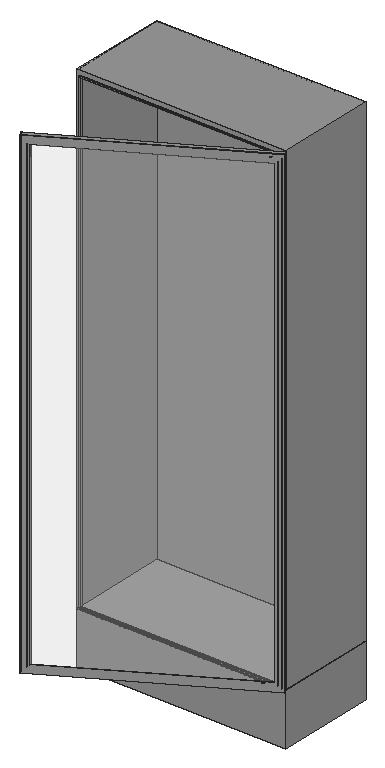
Revit family "Hager-Univers-IP55-D400-H2050-Cl.II-Steel_encl-NoHosted-CH-en", category Equipement électrique, Revit 2020
Family settings
  Configuration du panneau = Deux colonnes, circuits au sein
  Cote de connecteur circulaire = Utiliser le diamètre
  Type d'élément = Tableau de raccordement
  Basée sur le plan de construction = Oui
  Toujours verticalement = Oui
  Couper avec des vides une fois chargée = Non
  Partagée = Non
  Point de calcul de pièce = Non
Parameters (values of type "Floor installation IP55 W800 H2050 D400  - FR23U2")
  Width Control [instance] = if([EF000008 - Width] > Min Width, [EF000008 - Width], Min Width)  # 800 mm
  Commentaires du type = [HG000003 - Range]  # "Univers"
  Thickness Door [instance] = if([EF009171 - Material plate thickness door/cover] > 3 mm, 3 mm, [EF009171 - Material plate thickness door/cover])  # 1.5 mm
  Seal Frame Offset [instance] = 17 mm  # constant formula
  Plinth Visibility [instance] = [HG000027 - Plinth height] > 0 mm  # yes
  Min Width [instance] = 100 mm  # constant formula
  Min Depth [instance] = (2 * [EF009170 - Material plate thickness cabinet]) + 1 mm  # 4 mm
  Min Height [instance] = 100 mm  # constant formula
  Internal Frame Depth [instance] = (Door System Depth * 0.5)  # 9 mm
  Panel Name [instance] = ""  # (empty or 0)
  Model = ""
  HG000027 - Plinth height = 200 mm
  HG000026 - Floor standing = yes
  HG000024 - Bottom section height = 600 mm
  HG000023 - Double section enclosure = no
  HG000016 - Door 3d visibility [instance] = yes
  HG000015 - Clearance visibility [instance] = no
  HG000014 - Door on the right [instance] = yes
  HG000013 - Door on the left [instance] = not([HG000014 - Door on the right])  # no
  HG000012 - Door swing angle [instance] = 30.00°
  HG000010 - Asymmetric doors = no
  HG000009 - Double swing door = no
  HG000006 - Flush mounted = no
  HG000004 - Manufacturer reference = "FR23U2"
  HG000003 - Range = "Univers"
  HG000002 - With door or cover = yes
  Frame Offset Bottom [instance] = 10 mm  # constant formula
  Frame Offset [instance] = 15 mm  # constant formula
  EF015940 - Cover with overpressure release = no
  EF011959 - Degree of protection (NEMA) = ""
  EF009554 - Number of openings for flange plates = 6
  EF009212 - Cover model = "EV000116 - Closed"
  EF009171 - Material plate thickness door/cover = 1.5 mm
  EF009170 - Material plate thickness cabinet = 1.5 mm
  EF008873 - Nominal current (In) = 800 A
  EF007800 - Suitable for lightning protection = no
  EF006306 - With lock = no
  EF006244 - Transparent cover/door = yes
  EF005474 - Degree of protection (IP) = "EV006420 - IP55"
  EF004464 - Type of door = "EV002646 - Single"
  EF004427 - Number of modules = 432
  EF004293 - Impact strength = "EV008784 - IK10"
  EF003532 - Suitable for outdoor use = no
  EF002950 - Width in number of modular spacings = 24
  EF001613 - Circuit integrity = "EV000494 - None"
  EF001596 - Material housing = "EV000179 - Steel"
  EF001131 - Internal depth = 400 mm
  EF001088 - Extension possible = yes
  EF000437 - Number of conduit inlets = 6
  EF000339 - Type of cover = "EV004216 - Door"
  EF000266 - Number of rows = 12
  EF000218 - Built-in depth = 0 mm
  EF000118 - With mounting plate = no
  EF000116 - RAL-number = "7035"
  EF000049 - Depth = 400 mm
  EF000040 - Height = 2050 mm
  EF000008 - Width = 800 mm
  EF000007 - Colour = "EV000270 - Grey"
  EF000003 - Mounting method = "EV012274 - Floor installation"
  Door System Leaf Tolerance [instance] = 1.5 mm  # constant formula
  Door System Depth [instance] = 18 mm  # constant formula
  Door Height [instance] = Height Control - [HG000027 - Plinth height]  # 1850 mm
  Description = ""
  Default Elevation = 1219.2 mm
  Connector Offset [instance] = Height Control / 2  # 1025 mm
  Fabricant = "Hager"  # constant formula
  Height Control [instance] = if([EF000040 - Height] > Min Height, [EF000040 - Height], Min Height)  # 2050 mm
  Depth Control [instance] = if([EF000049 - Depth] > Min Depth, [EF000049 - Depth], Min Depth)  # 400 mm
  Bottom Top Plate Trim [instance] = 1.5 mm  # constant formula
  Plinth height Ctrl [instance] = if([HG000027 - Plinth height] > 0 mm, [HG000027 - Plinth height], 12 mm)  # 200 mm
Types (11, lengths in mm): name | Width Control | HG000010 - Asymmetric doors | HG000009 - Double swing door | HG000004 - Manufacturer reference | EF009554 - Number of openings for flange plates | EF006244 - Transparent cover/door | EF004464 - Type of door | EF004427 - Number of modules | EF000437 - Number of conduit inlets | EF000008 - Width
  Floor installation IP55 W1050 H2050 D400  - FR24H2 | 1050 | yes | yes | "FR24H2" | 8 | no | "EV003602 - Double" | 576 | 8 | 1050
  Floor installation IP55 W1050 H2050 D400  - FR24U2 | 1050 | yes | yes | "FR24U2" | 8 | yes | "EV003602 - Double" | 576 | 8 | 1050
  Floor installation IP55 W1300 H2050 D400  - FR25H2 | 1300 | yes | yes | "FR25H2" | 10 | no | "EV003602 - Double" | 720 | 10 | 1300
  Floor installation IP55 W1300 H2050 D400  - FR25U2 | 1300 | yes | yes | "FR25U2" | 10 | yes | "EV003602 - Double" | 720 | 10 | 1300
  Floor installation IP55 W1550 H2050 D400  - FR26H2 | 1550 | yes | yes | "FR26H2" | 12 | no | "EV003602 - Double" | 864 | 12 | 1550
  Floor installation IP55 W1550 H2050 D400  - FR26U2 | 1550 | yes | yes | "FR26U2" | 12 | yes | "EV003602 - Double" | 864 | 12 | 1550
  Floor installation IP55 W300 H2050 D400  - FR21H2 | 300 | no | no | "FR21H2" | 2 | no | "EV002646 - Single" | 144 | 2 | 300
  Floor installation IP55 W550 H2050 D400  - FR22H2 | 550 | no | no | "FR22H2" | 4 | no | "EV002646 - Single" | 288 | 4 | 550
  Floor installation IP55 W550 H2050 D400  - FR22U2 | 550 | no | no | "FR22U2" | 4 | yes | "EV002646 - Single" | 288 | 4 | 550
  Floor installation IP55 W800 H2050 D400  - FR23H2 | 800 | no | no | "FR23H2" | 6 | no | "EV002646 - Single" | 432 | 6 | 800
  Floor installation IP55 W800 H2050 D400  - FR23U2 | 800 | no | no | "FR23U2" | 6 | yes | "EV002646 - Single" | 432 | 6 | 800
Reference planes
  plane 1 "Center (Front/Back)": y = 0
  plane 2: z = 0
  plane 3 "Center (Left/Right)": x = 0
  plane 4: y = 0
  plane 5: y = 0
  plane 6: z = 0
  plane 7: x = -400
  plane 8: x = 400
  plane 9: x = 398.5
  plane 10: x = -398.5
  plane 11: z = 200
  plane 12: z = 201.5
  plane 13: y = -400
  plane 14: y = -1.5
  plane 15: x = 0
  plane 16: y = -382
  plane 17: y = -398.5
  plane 18: y = -380.5
  plane 19: x = -383.5
  plane 20: x = 383.5
  plane 21: z = 211.5
  plane 22: x = -383
  plane 23: x = 383
  plane 24: z = 200
  plane 25: z = 2050
  plane 26: z = 2050
  plane 27: z = 2033.5
  plane 28: z = 2048.5
Forms (mm)
  Extrusion 1, solid, material "Hager_Steel_RAL7035_Light_Grey", detail levels medium+fine
    sketch origin (-208.679, -4572, 200) x (-1, 0, 0) y (0, -1, 0)
      loop
        line (191.321, -4190) -> (-608.679, -4190) -> (-608.679, -4572) -> (191.321, -4572) -> (191.321, -4190)
    from 0 to 1850
  Extrusion 2, void
    sketch origin (-350.771, -400, 1219.2) x (1, 0, 0) y (0, 0, 1)
      loop
        line (-47.729, 829.3) -> (-47.729, -1017.7) -> (749.271, -1017.7) -> (749.271, 829.3) -> (-47.729, 829.3)
    from -19.5 to -398.5
  Extrusion 3, void
    sketch origin (-290.084, -382, 1219.2) x (1, 0, 0) y (0, 0, 1)
      loop
        line (-93.416, -1007.7) -> (673.584, -1007.7) -> (673.584, 814.3) -> (-93.416, 814.3) -> (-93.416, -1007.7)
    from 0 to -1.5
  Extrusion 4, solid, material "Hager_Steel_RAL7035_Light_Grey", visible <- "Plinth Visibility", detail levels medium+fine
    sketch origin (0, 0, 0) x (1, 0, 0) y (0, 1, 0)
      loop
        line (-400, 0) -> (-400, -382) -> (400, -382) -> (400, 0) -> (-400, 0)
    from 0 to 200 <- "Plinth height Ctrl"
  Extrusion 5, solid, material "Hager_Steel_RAL7035_Light_Grey", detail levels coarse
    sketch origin (0, 0, 0) x (1, 0, 0) y (0, 1, 0)
      loop
        line (-400, 0) -> (-400, -400) -> (400, -400) -> (400, 0) -> (-400, 0)
    from 0 to 2050 <- "Height Control"
  Sweep 6, void
    path in 3D
      loop
        line (-400, -382, 200) -> (400, -382, 200) -> (400, 0, 200) -> (-400, 0, 200) -> (-400, -382, 200)
    profile origin (-400, -191, 200) x (1, 0, 0) y (0, 0, 1)
      loop
        line (0, 0) -> (0, -1.5) -> (1.5, -1.5)
        arc (1.5, -1.5) -> (1.061, -0.439) -> (0, 0) r 1.5
  Extrusion 7, solid, material "Hager_Steel_RAL7035_Light_Grey", detail levels fine
    sketch origin (-400, -382, 200) x (1, 0, 0) y (0, 0, 1)
      loop
        line (16.5, 11.5) -> (783.5, 11.5) -> (783.5, 1833.5) -> (16.5, 1833.5) -> (16.5, 11.5)
      loop
        line (15, 10) -> (785, 10) -> (785, 1835) -> (15, 1835) -> (15, 10)
    from 0 to 9 <- "Internal Frame Depth"
Cuts and joins
  Extrusion 2, Extrusion 3 cuts Extrusion 1
  Sweep 6 cuts Extrusion 4
Lines and regions (mm)
  Masking region 1
    outline origin (0, 0, 0) x (1, 0, 0) y (0, 1, 0)
      loop
        line (-400, 0) -> (-400, -400) -> (400, -400) -> (400, 0) -> (-400, 0)
  Masking region 2, detail levels coarse
    outline origin (-290.084, -382, 1219.2) x (-1, 0, 0) y (0, 0, 1)
      loop
        line (-690.084, -1219.2) -> (109.916, -1219.2) -> (109.916, 830.8) -> (-690.084, 830.8) -> (-690.084, -1219.2)
  Masking region 3, detail levels coarse
    outline origin (0, 0, 0) x (0, 1, 0) y (0, 0, 1)
      loop
        line (0, 0) -> (0, 2050) -> (-400, 2050) -> (-400, 0) -> (0, 0)
  Masking region 4, visible <- "Plinth Visibility", detail levels medium+fine
    outline origin (0, 0, 0) x (0, 1, 0) y (0, 0, 1)
      loop
        line (-1.5, 200) -> (-380.5, 200)
        arc (-380.5, 200) -> (-380.939, 198.939) -> (-382, 198.5) r 1.5
        line (-382, 198.5) -> (-382, 0) -> (0, 0) -> (0, 198.5)
        arc (0, 198.5) -> (-1.061, 198.939) -> (-1.5, 200) r 1.5
  Masking region 5, detail levels medium+fine
    outline origin (0, 0, 594.038) x (0, 1, 0) y (0, 0, 1)
      loop
        line (0, -394.038) -> (0, 1455.962) -> (-382, 1455.962) -> (-382, -394.038) -> (0, -394.038)
  Masking region 6, detail levels medium+fine
    outline origin (-359.7, -382, 1211.883) x (-1, 0, 0) y (0, 0, 1)
      loop
        line (-759.7, -1011.883) -> (40.3, -1011.883) -> (40.3, 838.117) -> (-759.7, 838.117) -> (-759.7, -1011.883)
  Masking region 7, visible <- "Plinth Visibility", detail levels medium+fine
    outline origin (-320.334, -382, 1041.368) x (-1, 0, 0) y (0, 0, 1)
      loop
        line (-720.334, -1041.368) -> (79.666, -1041.368) -> (79.666, -842.868)
        arc (79.666, -842.868) -> (78.606, -842.429) -> (78.166, -841.368) r 1.5
        line (78.166, -841.368) -> (-718.834, -841.368)
        arc (-718.834, -841.368) -> (-719.273, -842.429) -> (-720.334, -842.868) r 1.5
        line (-720.334, -842.868) -> (-720.334, -1041.368)
  sketch lines
    curve 1: line (-400, 0, 200) -> (-400, -382, 200)
    curve 2: line (-400, -382, 200) -> (400, -382, 200)
    curve 3: line (400, 0, 200) -> (-400, 0, 200)
    curve 4: line (400, -382, 200) -> (400, 0, 200)
Dimensions and locks
  locked: plane 1 "Center (Front/Back)" to plane 5
  "EF009170 - Material plate thickness cabinet": plane 7 to plane 10
  "EF009170 - Material plate thickness cabinet": plane 8 to plane 9
  equal spacing: plane 7, plane 3 "Center (Left/Right)", plane 8
  "Width Control": plane 7 to plane 8
  "Depth Control": plane 4 to plane 13
  "EF009170 - Material plate thickness cabinet": plane 4 to plane 14
  "Height Control": plane 25 to level
  "HG000027 - Plinth height": plane 11 to level
  "EF009170 - Material plate thickness cabinet": plane 12 to plane 11
  "EF009170 - Material plate thickness cabinet": plane 17 to plane 13
  "EF009170 - Material plate thickness cabinet": plane 18 to plane 16
  "Frame Offset Bottom": plane 21 to plane 12
  "Frame Offset": plane 10 to plane 19
  "Frame Offset": plane 9 to plane 20
  "Door System Depth": plane 16 to plane 13
  "Seal Frame Offset": plane 7 to plane 22
  "Seal Frame Offset": plane 8 to plane 23
  "EF009170 - Material plate thickness cabinet": plane 26 to plane 28
  "Frame Offset": plane 28 to plane 27
  "Connector Offset": plane 2 to connector elem
  "Bottom Top Plate Trim": profile plane to Sweep 6 sketch curve
  "Bottom Top Plate Trim": Sweep 6 sketch curve to Sweep 6 sketch curve
  "Plinth height Ctrl": Masking region 4 sketch curve to level
  "Plinth height Ctrl": Masking region 7 sketch curve to level
  "Thickness Door": Extrusion 7 sketch curve to Extrusion 7 sketch curve  (x4)
  "Bottom Top Plate Trim": radius of Sweep 6 sketch curve
  "Bottom Top Plate Trim": radius of Masking region 4 sketch curve  (x2)
  "Bottom Top Plate Trim": radius of Masking region 7 sketch curve  (x2)
  aligned and locked: Extrusion 2 sketch curve to plane 12
  aligned and locked: Extrusion 2 sketch curve to plane 9
  aligned and locked: Extrusion 2 sketch curve to plane 10
  aligned and locked: Extrusion 2 to plane 14
  aligned and locked: Extrusion 1 sketch curve to plane 4
  aligned and locked: plane 8 to Extrusion 1 sketch curve
  aligned and locked: plane 7 to Extrusion 1 sketch curve
  aligned and locked: Extrusion 2 to plane 18
  aligned and locked: Extrusion 3 sketch curve to plane 19
  aligned and locked: plane 20 to Extrusion 3 sketch curve
  aligned and locked: Extrusion 3 to Extrusion 2
  aligned and locked: Extrusion 3 sketch curve to plane 21
  aligned and locked: plane 3 "Center (Left/Right)" to nested 1
  aligned and locked: Extrusion 1 sketch curve to plane 16
  aligned and locked: Extrusion 4 sketch curve to cut or joined group of Extrusion 1, Extrusion 2, Extrusion 3
  aligned and locked: Masking region 1 sketch curve to plane 7
  aligned and locked: Masking region 1 sketch curve to plane 5
  aligned and locked: Masking region 1 sketch curve to plane 8
  aligned and locked: Masking region 2 sketch curve to level
  aligned and locked: level to Masking region 3 sketch curve
  aligned and locked: plane 1 "Center (Front/Back)" to Masking region 3 sketch curve
  aligned and locked: plane 13 to Masking region 3 sketch curve
  aligned and locked: plane 5 to Masking region 4 sketch curve
  aligned and locked: Masking region 2 sketch curve to plane 8
  aligned and locked: Masking region 2 sketch curve to plane 7
  aligned and locked: plane 7 to nested 2
  aligned and locked: nested 2 to plane 5
  aligned and locked: plane 5 to Masking region 5 sketch curve
  aligned and locked: plane 26 to Masking region 5 sketch curve
  aligned and locked: Extrusion 5 sketch curve to plane 8
  aligned and locked: Extrusion 5 sketch curve to plane 7
  aligned and locked: Extrusion 5 sketch curve to plane 5
  aligned and locked: Extrusion 3 sketch curve to plane 27
  aligned and locked: Extrusion 2 sketch curve to plane 28
  aligned and locked: Masking region 2 to plane 25
  aligned and locked: Extrusion 4 to plane 16
  aligned and locked: profile plane to Sweep 6 sketch curve
  aligned and locked: Masking region 5 sketch curve to plane 24
  aligned and locked: level to Masking region 4 sketch curve
  aligned and locked: Masking region 1 to plane 13
  aligned and locked: nested 1 to plane 16
  aligned and locked: Masking region 3 to plane 25
  aligned and locked: plane 16 to Masking region 4 sketch curve
  aligned and locked: Masking region 5 sketch curve to plane 16
  aligned and locked: plane 24 to plane 11
  aligned and locked: plane 26 to plane 25
  aligned and locked: plane 26 to cut or joined group of Extrusion 1, Extrusion 2, Extrusion 3
  aligned and locked: nested 1 to plane 24
  aligned and locked: Extrusion 1 to Extrusion 3
  aligned and locked: Masking region 6 sketch curve to plane 8
  aligned and locked: Masking region 6 sketch curve to plane 24
  aligned and locked: Masking region 6 sketch curve to plane 7
  aligned and locked: Masking region 6 sketch curve to plane 26
  aligned and locked: Masking region 7 sketch curve to plane 7
  aligned and locked: level to Masking region 7 sketch curve
  aligned and locked: Masking region 7 sketch curve to plane 8
  aligned and locked: Extrusion 7 sketch curve to cut or joined group of Extrusion 1, Extrusion 2, Extrusion 3  (x4)
Automatic sketch dimensions
  plane 19 to Extrusion 3 sketch curve = 0 mm
  Extrusion 3 sketch curve to plane 20 = 0 mm
  Extrusion 3 sketch curve to plane 21 = 0 mm
  Extrusion 4 sketch curve to plane 7 = 0 mm
  Extrusion 4 sketch curve to plane 8 = 0 mm
  Extrusion 4 sketch curve to plane 16 = 0 mm
  Masking region 1 sketch curve to plane 13 = 0 mm
  Masking region 2 sketch curve to plane 25 = 0 mm
  Masking region 3 sketch curve to plane 25 = 0 mm
  Extrusion 5 sketch curve to plane 13 = 0 mm
  profile plane to Sweep 6 sketch curve = 0 mm
Nested families
  nested 1: "EC000058_Univers_Door" at (0, -382, 200), Double <- "HG000009 - Double swing door", Transparent <- "EF006244 - Transparent cover/door", Angle <- "HG000012 - Door swing angle", Door_Right <- "HG000014 - Door on the right", Assymetrical <- "HG000010 - Asymmetric doors", Door <- "HG000002 - With door or cover", Width_Ctrl <- "Width Control", 3d_Door <- "HG000016 - Door 3d visibility", Clearance <- "HG000015 - Clearance visibility", Door_Left <- "HG000013 - Door on the left", Width <- "Width Control", Door_Depth <- "Door System Depth", Leaf_Tolerance <- "Door System Leaf Tolerance", Height <- "Door Height", Lock_Visibility <- "EF006306 - With lock", Thickness <- "Thickness Door", type "EC000058_Univers_Door", detail levels medium+fine
    with min_wh 4 mm, Width_Ctrl 800 mm, Width 800 mm, Transparent yes, Thickness 1.5 mm, Seal_Material Hager_Rubber, Lock_Visibility no, Lock_Material Hager_Plastic_RAL9005_Jet_Black, Leaf_Width 800 mm, Leaf_Tolerance_External_Sides 0 mm, Leaf_Tolerance 1.5 mm, Leaf_Offset 0 mm, Leaf_Height 1847 mm, Leaf_2_Width 800 mm, Leaf_2_Offset 400 mm, Leaf_1_Width 800 mm, Leaf_1_Offset 400 mm, Height_Ctrl 1850 mm, Height 1850 mm, Glass_Material Hager_Glass, Double_Clearance_Ctrl no, Double no, Door_Right_Ctrl yes, Door_Right yes, Door_Material Hager_Steel_RAL7035_Light_Grey, Door_Left_Ctrl no, Door_Left no, Door_Depth 18 mm, Door yes, Clearance_Material Hager_Clearance, Clearance_Depth 800 mm, Clearance_Ctrl no, Clearance no, Assymetrical no, Angle 30.00°, 3d_Door yes
  nested 2: "Hager_Enclosure_Symbol" at (-400, 0, 0), Height <- "Depth Control", Width <- "Width Control", type "Hager_Enclosure_Symbol"
    with Width_Ctrl 800 mm, Width 800 mm, Height_Ctrl 400 mm, Height 400 mm, A_Width_Int 26.25 mm, A_Width 315 mm, A_Height_Ctrl 350 mm, A_Height 350 mm
Connectors
  electrical at (0, 0, 1025)
    settings: on plane 1 "Center (Front/Back)", index 1, voltage 0 V, apparent load 0 VA, apparent load phase1 0 VA, apparent load phase2 0 VA, apparent load phase3 0 VA, power factor 1, load classification "Other", number of poles 1, system type 30, power factor state 1, is connector primary yes, connector utility no, sub classification motor no, connector description ""
Definition of nested family "EC000058_Univers_Door"
  Parameters (values of type "EC000058_Univers_Door")
    min_wh [instance] = (2 * Thickness) + 1 mm  # 11 mm
    Width_Ctrl [instance] = 400 mm
    Width [instance] = 500 mm
    Transparent [instance] = yes
    Thickness [instance] = 5 mm
    Seal_Material [instance] = none
    Lock_Visibility [instance] = yes
    Lock_Material [instance] = none
    Leaf_Width [instance] = if((Width_Ctrl - 2 * Leaf_Tolerance_External_Sides) > 0 mm, (Width_Ctrl - 2 * Leaf_Tolerance_External_Sides), min_wh)  # 400 mm
    Leaf_Tolerance_External_Sides [instance] = 0 mm  # constant formula
    Leaf_Tolerance [instance] = 1.5 mm
    Leaf_Offset [instance] = 0 mm  # constant formula
    Leaf_Height [instance] = if((Height_Ctrl - 2 * Leaf_Tolerance) > 0 mm, (Height_Ctrl - 2 * Leaf_Tolerance), min_wh)  # 497 mm
    Leaf_2_Width [instance] = if(and(and(Double, Assymetrical), Door_Left), (Leaf_Width / 3) - (Leaf_Tolerance / 2), if(and(and(Double, Assymetrical), Door_Right), (Leaf_Width / 3) * 2 - (Leaf_Tolerance / 2), if(and(Double, not(Assymetrical)), (Leaf_Width / 2) - Leaf_Tolerance, Leaf_Width)))  # 400 mm
    Leaf_2_Offset [instance] = if(and(Double, Assymetrical), Leaf_2_Width / 2, if(and(Double, not(Assymetrical)), Leaf_Width / 4, Leaf_Width / 2))  # 200 mm
    Leaf_1_Width [instance] = if(and(and(Double, Assymetrical), Door_Right), (Leaf_Width / 3) - (Leaf_Tolerance / 2), if(and(and(Double, Assymetrical), Door_Left), (Width / 3) * 2 - (Leaf_Tolerance / 2), if(and(Double, not(Assymetrical)), (Leaf_Width / 2) - Leaf_Tolerance, Leaf_Width)))  # 400 mm
    Leaf_1_Offset [instance] = if(and(Double, Assymetrical), Leaf_1_Width / 2, if(and(Double, not(Assymetrical)), Leaf_Width / 4, Leaf_Width / 2))  # 200 mm
    Height_Ctrl [instance] = if(Height > min_wh, Height, min_wh)  # 500 mm
    Height [instance] = 500 mm
    Glass_Material [instance] = none
    Double_Clearance_Ctrl [instance] = and(Double, Clearance)  # no
    Double [instance] = no
    Door_Right_Ctrl [instance] = and(or(Door_Right, Double), Door)  # yes
    Door_Right [instance] = yes
    Door_Material [instance] = none
    Door_Left_Ctrl [instance] = and(or(Door_Left, Double), Door)  # no
    Door_Left [instance] = no
    Door_Depth [instance] = 30 mm
    Door [instance] = yes
    Default Elevation = 1219.2 mm
    Clearance_Material [instance] = none
    Clearance_Depth [instance] = if(Leaf_1_Width > Leaf_2_Width, Leaf_1_Width, Leaf_2_Width)  # 400 mm
    Clearance_Ctrl [instance] = and(not(Double), Clearance)  # yes
    Clearance [instance] = yes
    Assymetrical [instance] = yes
    Angle [instance] = 30.00°
    3d_Door [instance] = yes
  Reference planes
    plane 1 "Center (Front/Back)": y = 0
    plane 2 "Bottom": z = 0
    plane 3 "Center (Left/Right)": x = 0
    plane 4: z = 500
    plane 5: x = -200
    plane 6: x = 200
    plane 7: z = 500
    plane 8: x = -200
    plane 9: z = 0
    plane 10: x = 200
    plane 11: y = 0
    plane 12: z = 1.5
    plane 13: x = -600
    plane 14: y = -400
    plane 15: x = 600
    plane 16: x = 0
    plane 17: x = 0
    plane 18: x = -200
    plane 19: x = 200
    plane 20: z = 498.5
  Forms (mm)
    Extrusion 1, solid, material <- "Clearance_Material", visible <- "Double_Clearance_Ctrl"
      sketch origin (1200, 0, 0) x (1, 0, 0) y (0, 0, -1)
        loop
          line (-1800, -498.5) -> (-600, -498.5) -> (-600, 0) -> (-1800, 0) -> (-1800, -498.5)
      from 0 to -400
  Dimensions and locks
    equal spacing: plane 5, plane 3 "Center (Left/Right)", plane 6
    "Width_Ctrl": plane 5 to plane 6
    "Leaf_Offset": plane 5 to plane 8
    "Leaf_Offset": plane 6 to plane 10
    "Leaf_Offset": plane 9 to level
    "Leaf_Offset": plane 4 to plane 7
    "Height_Ctrl": plane 4 to level
    "Leaf_Tolerance": plane 12 to plane 9
    locked: plane 11 to plane 1 "Center (Front/Back)"
    "Leaf_1_Offset": plane 18 to plane 16
    "Leaf_2_Offset": plane 17 to plane 19
    "Leaf_1_Width": plane 13 to plane 8
    "Leaf_2_Width": plane 10 to plane 15
    "Clearance_Depth": plane 14 to plane 1 "Center (Front/Back)"
    "Leaf_Tolerance_External_Sides": plane 8 to plane 18
    "Leaf_Tolerance_External_Sides": plane 19 to plane 10
    "Leaf_Tolerance": plane 7 to plane 20
    aligned and locked: level to plane 2 "Bottom"
    aligned and locked: nested 1 to plane 16
    aligned and locked: nested 2 to plane 17
    aligned and locked: Extrusion 1 to plane 13
    aligned and locked: plane 15 to Extrusion 1
    aligned and locked: Extrusion 1 to plane 14
    aligned and locked: plane 12 to nested 1
    aligned and locked: nested 2 to plane 12
    aligned and locked: Extrusion 1 to plane 11
    aligned and locked: plane 20 to Extrusion 1
    aligned and locked: nested 2 to plane 11
    aligned and locked: nested 1 to plane 11
  Automatic sketch dimensions
    Extrusion 1 sketch curve to level = 0 mm
    plane 5 to Extrusion 1 sketch curve = 400 mm
    plane 6 to Extrusion 1 sketch curve = 400 mm
    Extrusion 1 sketch curve to plane 4 = 1.5 mm
  Nested families
    nested 1: "EC000058_Univers_Door_Leaf" at (0, 0, 1.5), Width <- "Leaf_1_Width", visible <- "Door_Left_Ctrl", Leaf_Height <- "Leaf_Height", Angle <- "Angle", 3d_Door <- "3d_Door", Transparent <- "Transparent", Clearance Material <- "Clearance_Material", Clearance <- "Clearance_Ctrl", Door_Material <- "Door_Material", Glass_Material <- "Glass_Material", Door_Depth <- "Door_Depth", Lock_Material <- "Lock_Material", Seal_Material <- "Seal_Material", Lock_Visibility <- "Lock_Visibility", Thickness <- "Thickness", type "EC000058_Univers_Door_Leaf"
      with Width 400 mm, Transparent_Glass_Offset 30 mm, Transparent_Ctrl yes, Transparent yes, Thickness 5 mm, Standard no, Seal_Material none, Seal_D2 8 mm, Seal_D1 1 mm, Offset_Internal_Frame 10 mm, Lock_Width 20 mm, Lock_Visibility_3d yes, Lock_Visibility yes, Lock_Thickness_3 3 mm, Lock_Thickness_2 1 mm, Lock_Thickness_1 3 mm, Lock_Radius_Offset_2 16 mm, Lock_Radius_Offset_1 15 mm, Lock_Radius_2 5 mm, Lock_Radius 6 mm, Lock_Offset 5 mm, Lock_Material none, Lock_Height 80 mm, Lock_Cover_Top_Offset_2d 17 mm, Lock_Cover_Height -65 mm, Leaf_Height 497 mm, Internal_Seal_Thickness 8 mm, Internal_Seal_Depth_2 4.5 mm, Internal_Frame_Depth 25 mm, Glass_Thickness -1 mm, Glass_Offset -2 mm, Glass_Material none, Door_Material none, Door_Depth 30 mm, Clearance Material none, Clearance yes, Angle_Ctrl 30.00°, Angle 30.00°, 3d_Door yes
    nested 2: "EC000058_Univers_Door_Leaf" at (0, 0, 1.5) x (-1, 0, 0) z (0, 0, 1), Width <- "Leaf_2_Width", visible <- "Door_Right_Ctrl", Leaf_Height <- "Leaf_Height", Angle <- "Angle", 3d_Door <- "3d_Door", Transparent <- "Transparent", Clearance Material <- "Clearance_Material", Clearance <- "Clearance_Ctrl", Door_Material <- "Door_Material", Glass_Material <- "Glass_Material", Door_Depth <- "Door_Depth", Lock_Material <- "Lock_Material", Seal_Material <- "Seal_Material", Lock_Visibility <- "Lock_Visibility", Thickness <- "Thickness", type "EC000058_Univers_Door_Leaf"
      with Width 400 mm, Transparent_Glass_Offset 30 mm, Transparent_Ctrl yes, Transparent yes, Thickness 5 mm, Standard no, Seal_Material none, Seal_D2 8 mm, Seal_D1 1 mm, Offset_Internal_Frame 10 mm, Lock_Width 20 mm, Lock_Visibility_3d yes, Lock_Visibility yes, Lock_Thickness_3 3 mm, Lock_Thickness_2 1 mm, Lock_Thickness_1 3 mm, Lock_Radius_Offset_2 16 mm, Lock_Radius_Offset_1 15 mm, Lock_Radius_2 5 mm, Lock_Radius 6 mm, Lock_Offset 5 mm, Lock_Material none, Lock_Height 80 mm, Lock_Cover_Top_Offset_2d 17 mm, Lock_Cover_Height -65 mm, Leaf_Height 497 mm, Internal_Seal_Thickness 8 mm, Internal_Seal_Depth_2 4.5 mm, Internal_Frame_Depth 25 mm, Glass_Thickness -1 mm, Glass_Offset -2 mm, Glass_Material none, Door_Material none, Door_Depth 30 mm, Clearance Material none, Clearance yes, Angle_Ctrl 30.00°, Angle 30.00°, 3d_Door yes
  Definition of nested family "EC000058_Univers_Door_Leaf"
    Parameters (values of type "EC000058_Univers_Door_Leaf")
      Width [instance] = 2000 mm
      Transparent_Glass_Offset [instance] = 30 mm
      Transparent_Ctrl [instance] = and(Transparent, [3d_Door])  # yes
      Transparent [instance] = yes
      Thickness [instance] = 5 mm
      Standard [instance] = and(not(Transparent), [3d_Door])  # no
      Seal_Material [instance] = none
      Seal_D2 [instance] = 8 mm  # constant formula
      Seal_D1 [instance] = 1 mm  # constant formula
      Offset_Internal_Frame [instance] = 10 mm  # constant formula
      Lock_Width [instance] = 20 mm  # constant formula
      Lock_Visibility_3d [instance] = and(Lock_Visibility, [3d_Door])  # yes
      Lock_Visibility [instance] = yes
      Lock_Thickness_3 [instance] = 3 mm  # constant formula
      Lock_Thickness_2 [instance] = 1 mm  # constant formula
      Lock_Thickness_1 [instance] = 3 mm  # constant formula
      Lock_Radius_Offset_2 [instance] = Lock_Radius_Offset_1 + 1 mm  # 16 mm
      Lock_Radius_Offset_1 [instance] = 15 mm  # constant formula
      Lock_Radius_2 [instance] = Lock_Radius - 1 mm  # 5 mm
      Lock_Radius [instance] = 6 mm  # constant formula
      Lock_Offset [instance] = 5 mm  # constant formula
      Lock_Material [instance] = none
      Lock_Height [instance] = 80 mm  # constant formula
      Lock_Cover_Top_Offset_2d [instance] = Lock_Radius_Offset_2 + 1 mm  # 17 mm
      Lock_Cover_Height [instance] = -(Lock_Height - Lock_Radius_Offset_1)  # -65 mm
      Leaf_Height [instance] = 2720.336 mm
      Internal_Seal_Thickness [instance] = 8 mm  # constant formula
      Internal_Seal_Depth_2 [instance] = 4.5 mm  # constant formula
      Internal_Frame_Depth [instance] = if(Door_Depth - Thickness > 5 mm, Door_Depth - Thickness, 5 mm)  # 25 mm
      Glass_Thickness [instance] = if(Thickness > 15 mm, Glass_Offset + 10 mm, -1 mm)  # -1 mm
      Glass_Offset [instance] = if(Thickness > 15 mm, -(Thickness + 10 mm) / 2, -2 mm)  # -2 mm
      Glass_Material [instance] = none
      Door_Material [instance] = none
      Door_Depth [instance] = 30 mm
      Default Elevation = 0 mm
      Clearance Material [instance] = none
      Clearance [instance] = yes
      Angle_Ctrl [instance] = if(Angle > 180.00°, 180.00°, Angle)  # 90.00°
      Angle [instance] = 90.00°
      3d_Door [instance] = yes
    Reference planes
      plane 1 "Center (Front/Back)": y = 0
      plane 2: z = 0
      plane 3 "Center (Left/Right)": x = 0
      plane 4: y = 2000
      plane 5: x = -1000
      plane 6: x = 1000
      plane 7: x = -3000
      plane 8: z = 2720.336
      plane 9: z = 30
      plane 10: z = 2690.336
      plane 11: x = 970
      plane 12: x = -970
      plane 13: y = -3
      plane 14: z = 107.833
      plane 15: y = -5
      plane 16: y = -223.314
      plane 17: x = -1000
      plane 18: z = 1360.168
      plane 19: y = 30
    Forms (mm)
      Extrusion 1, solid, material <- "Clearance Material", visible <- "Clearance"
        sketch origin (0, 0, 0) x (1, 0, 0) y (0, 0, 1)
          loop
            line (-3000, 2720.336) -> (-3000, 0) -> (1000, 0) -> (1000, 2720.336) -> (-3000, 2720.336)
        from 0 to -2000
      Extrusion 2, solid, material <- "Door_Material", visible <- "Standard", detail levels medium+fine
        sketch origin (-1000, 0, 0) x (0, 1, 0) y (-1, 0, 0)
          loop
            line (0, 30) -> (0, 25) -> (2000, 25) -> (2000, 30) -> (0, 30)
        from 0 to 2720.336 <- "Leaf_Height"
      Extrusion 3, solid, material <- "Door_Material", visible <- "Transparent_Ctrl", detail levels medium+fine
        sketch origin (-1000, 0, 0) x (0, 1, 0) y (-1, 0, 0)
          loop
            line (0, 25) -> (2000, 25) -> (2000, 30) -> (0, 30) -> (0, 25)
        from 0 to 2720.336 <- "Leaf_Height"
      Extrusion 4, void
        sketch origin (-1025, 2000, 0) x (0, 1, 0) y (0, 0, -1)
          loop
            line (-30, -2690.336) -> (-30, -30) -> (-1970, -30) -> (-1970, -2690.336) -> (-30, -2690.336)
        from 0 to 5 <- "Thickness"
      Sweep 5, solid, material <- "Seal_Material", visible <- "Transparent_Ctrl", detail levels fine
        path in 3D
          loop
            line (-1025, 30, 30) -> (-1025, 30, 2690.336) -> (-1025, 1970, 2690.336) -> (-1025, 1970, 30) -> (-1025, 30, 30)
        profile origin (-1025, 1000, 30) x (1, 0, 0) y (0, 0, 1)
          loop
            line (0, 0) -> (0, -8) -> (1, -8) -> (1, 0) -> (0, 0)
      Extrusion 6, solid, material <- "Glass_Material", visible <- "Transparent_Ctrl", detail levels medium+fine
        sketch origin (-1030, 0, 0) x (0, 1, 0) y (0, 0, -1)
          loop
            line (1970, -2690.336) -> (1970, -30) -> (30, -30) -> (30, -2690.336) -> (1970, -2690.336)
        from -2 <- "Glass_Offset" to -1 <- "Glass_Thickness"
      Extrusion 7, solid, material <- "Door_Material", visible <- "3d_Door", detail levels medium+fine
        sketch origin (-1025, 2000, 0) x (0, -1, 0) y (0, 0, -1)
          loop
            line (0, -2720.336) -> (2000, -2720.336) -> (2000, 0) -> (0, 0) -> (0, -2720.336)
          loop
            line (1995, -5) -> (5, -5) -> (5, -2715.336) -> (1995, -2715.336) -> (1995, -5)
        from 0 to 25 <- "Internal_Frame_Depth"
      Sweep 8, solid, material <- "Seal_Material", visible <- "Transparent_Ctrl", detail levels fine
        path in 3D
          loop
            line (-1025, 0, 0) -> (-1025, 2000, 0) -> (-1025, 2000, 2720.336) -> (-1025, 0, 2720.336) -> (-1025, 0, 0)
        profile origin (-1025, 0, 1360.168) x (1, 0, 0) y (0, 1, 0)
          loop
            line (0, 10) -> (2.975, 10)
            arc (2.975, 10) -> (4.053, 10.447) -> (4.5, 11.525) r 1.525
            line (4.5, 11.525) -> (4.5, 16.527)
            arc (4.5, 16.527) -> (4.069, 17.569) -> (3.027, 18) r 1.473
            line (3.027, 18) -> (0, 18) -> (0, 10)
      Extrusion 9, solid, material <- "Lock_Material", visible <- "Lock_Visibility_3d", detail levels fine
        sketch origin (-1030, 0, 0) x (0, 1, 0) y (0, 0, -1)
          loop
            arc (1993.5, -1400.168) -> (1994.561, -1399.729) -> (1995, -1398.668) r 1.5
            line (1995, -1398.668) -> (1995, -1320.168) -> (1975, -1320.168) -> (1975, -1398.668)
            arc (1975, -1398.668) -> (1975.439, -1399.729) -> (1976.5, -1400.168) r 1.5
            line (1976.5, -1400.168) -> (1993.5, -1400.168)
        from 3 <- "Lock_Thickness_1" to 0
      Blend 10, solid, material <- "Lock_Material", visible <- "Lock_Visibility_3d", detail levels fine
        base sketch origin (-1033, 0, 0) x (0, 1, 0) y (0, 0, -1)
          loop
            line (1975, -1320.168) -> (1975, -1398.668)
            arc (1975, -1398.668) -> (1975.439, -1399.729) -> (1976.5, -1400.168) r 1.5
            line (1976.5, -1400.168) -> (1993.5, -1400.168)
            arc (1993.5, -1400.168) -> (1994.561, -1399.729) -> (1995, -1398.668) r 1.5
            line (1995, -1398.668) -> (1995, -1320.168) -> (1975, -1320.168)
        top sketch origin (-1033, 0, 0) x (0, 1, 0) y (0, 0, -1)
          loop
            line (1976, -1320.168) -> (1976, -1398.668)
            arc (1976, -1398.668) -> (1976.146, -1399.022) -> (1976.5, -1399.168) r 0.5
            line (1976.5, -1399.168) -> (1993.5, -1399.168)
            arc (1993.5, -1399.168) -> (1993.854, -1399.022) -> (1994, -1398.668) r 0.5
            line (1994, -1398.668) -> (1994, -1320.168) -> (1976, -1320.168)
        from 0 to 1 <- "Lock_Thickness_2"
      Blend 11, solid, material <- "Lock_Material", visible <- "Lock_Visibility_3d", detail levels fine
        base sketch origin (-1034, 0, 0) x (0, 1, 0) y (0, 0, -1)
          loop
            line (1978, -1320.168) -> (1978, -1384.168)
            arc (1978, -1384.168) -> (1985, -1391.168) -> (1992, -1384.168) r 7
            line (1992, -1384.168) -> (1992, -1320.168) -> (1978, -1320.168)
        top sketch origin (-1034, 0, 0) x (0, 1, 0) y (0, 0, -1)
          loop
            line (1991, -1320.168) -> (1979, -1320.168) -> (1979, -1383.168)
            arc (1979, -1383.168) -> (1985, -1389.168) -> (1991, -1383.168) r 6
            line (1991, -1383.168) -> (1991, -1320.168)
        from 0 to 3 <- "Lock_Thickness_3"
      Extrusion 12, solid, material <- "Lock_Material", visible <- "Lock_Visibility_3d", detail levels fine
        sketch origin (-1030, 1975, 1320.168) x (1, 0, 0) y (0, -1, 0)
          loop
            line (-7, -19) -> (-7, -1) -> (0, -1) -> (0, 0) -> (-8, 0) -> (-8, -20) -> (0, -20) -> (0, -19) -> (-7, -19)
        from 0 to -65 <- "Lock_Cover_Height"
      Extrusion 13, void
        sketch origin (-1038, 1995, 1320.168) x (-1, 0, 0) y (0, 0, -1)
          loop
            line (-5, -65) -> (0, -65) -> (-5, -60) -> (-5, -65)
        from 0 to 20 <- "Lock_Width"
      Extrusion 14, void
        sketch origin (-1038, 1975, 1320.168) x (0, -1, 0) y (0, 0, -1)
          loop
            circle (-10, -15.995) r 6
          loop
            circle (-10, -15.995) r 5
        from 0 to 2
      Extrusion 15, solid, material <- "Lock_Material", visible <- "Lock_Visibility_3d", detail levels medium
        sketch origin (-1030, 0, 0) x (0, 1, 0) y (0, 0, -1)
          loop
            arc (1993.5, -1400.168) -> (1994.561, -1399.729) -> (1995, -1398.668) r 1.5
            line (1995, -1398.668) -> (1995, -1320.168) -> (1975, -1320.168) -> (1975, -1398.668)
            arc (1975, -1398.668) -> (1975.439, -1399.729) -> (1976.5, -1400.168) r 1.5
            line (1976.5, -1400.168) -> (1993.5, -1400.168)
        from 8 to 0
    Cuts and joins
      Extrusion 4 cuts Extrusion 3
      Extrusion 13, Extrusion 14 cuts Extrusion 9
      Extrusion 14 cuts Blend 11
      Extrusion 13, Extrusion 14 cuts Extrusion 12
      joined: Extrusion 9, Blend 10, Blend 11, Extrusion 12
      Extrusion 14 cuts Extrusion 15
    Lines and regions (mm)
      Masking region 1, visible <- "Lock_Visibility", detail levels fine
        outline origin (0, 0, 0) x (0, 1, 0) y (0, 0, 1)
          loop
            line (30, 1320.168) -> (33, 1320.168) -> (33, 1400.168) -> (30, 1400.168) -> (30, 1320.168)
      Masking region 2, visible <- "Lock_Visibility", detail levels fine
        outline origin (0, 3.143, 0) x (0, 1, 0) y (0, 0, 1)
          loop
            line (29.857, 1354.168) -> (30.857, 1354.168) -> (30.857, 1366.168) -> (29.857, 1366.168) -> (29.857, 1354.168)
      Masking region 3, detail levels medium+fine
        outline origin (0, 0, 0) x (0, 1, 0) y (0, 0, 1)
          loop
            line (0, 0) -> (30, 0) -> (30, 2720.336) -> (0, 2720.336) -> (0, 0)
      Masking region 4, detail levels medium+fine
        outline origin (0, 0, 0) x (1, 0, 0) y (0, 0, 1)
          loop
            line (-1000, 2720.336) -> (-1000, 0) -> (1000, 0) -> (1000, 2720.336) -> (-1000, 2720.336)
      Masking region 5, visible <- "Lock_Visibility", detail levels fine
        outline origin (-47.116, 0, 0) x (1, 0, 0) y (0, 0, 1)
          loop
            arc (1024.616, 1399.168) -> (1023.556, 1398.729) -> (1023.116, 1397.668) r 1.5
            line (1023.116, 1397.668) -> (1023.116, 1320.168) -> (1041.116, 1320.168) -> (1041.116, 1397.668)
            arc (1041.116, 1397.668) -> (1040.677, 1398.729) -> (1039.616, 1399.168) r 1.5
            line (1039.616, 1399.168) -> (1024.616, 1399.168)
      Masking region 6, visible <- "Lock_Visibility", detail levels medium+fine
        outline origin (-25, 0, 0) x (1, 0, 0) y (0, 0, 1)
          loop
            arc (1001.5, 1400.168) -> (1000.439, 1399.729) -> (1000, 1398.668) r 1.5
            line (1000, 1398.668) -> (1000, 1320.168) -> (1020, 1320.168) -> (1020, 1398.668)
            arc (1020, 1398.668) -> (1019.561, 1399.729) -> (1018.5, 1400.168) r 1.5
            line (1018.5, 1400.168) -> (1001.5, 1400.168)
      Masking region 7, visible <- "Lock_Visibility", detail levels fine
        outline origin (-73.735, 0, 0) x (1, 0, 0) y (0, 0, 1)
          loop
            line (1051.735, 1382.168) -> (1065.735, 1382.168) -> (1065.735, 1384.168)
            arc (1065.735, 1384.168) -> (1058.735, 1391.168) -> (1051.735, 1384.168) r 7
            line (1051.735, 1384.168) -> (1051.735, 1382.168)
      Masking region 8, visible <- "Lock_Visibility", detail levels fine
        outline origin (-73.735, 0, 0) x (1, 0, 0) y (0, 0, 1)
          loop
            line (1052.735, 1382.168) -> (1064.735, 1382.168) -> (1064.735, 1383.168)
            arc (1064.735, 1383.168) -> (1058.735, 1389.168) -> (1052.735, 1383.168) r 6
            line (1052.735, 1383.168) -> (1052.735, 1382.168)
      Masking region 9, visible <- "Lock_Visibility", detail levels fine
        outline origin (-25, 0, 0) x (1, 0, 0) y (0, 0, 1)
          loop
            line (1020, 1320.168) -> (1020, 1382.168) -> (1000, 1382.168) -> (1000, 1320.168) -> (1020, 1320.168)
      Masking region 10, detail levels medium+fine
        outline origin (0, 0, 0) x (1, 0, 0) y (0, 0, 1)
          loop
            circle (985, 1335.144) r 6
      Masking region 11, detail levels fine
        outline origin (0, 0, 0) x (1, 0, 0) y (0, 0, 1)
          loop
            circle (985, 1335.144) r 5
      Masking region 12, visible <- "Lock_Visibility", detail levels fine
        outline origin (0, 12.767, 0) x (0, 1, 0) y (0, 0, 1)
          loop
            line (20.233, 1320.168) -> (21.233, 1320.168) -> (21.233, 1399.168) -> (20.233, 1400.168) -> (20.233, 1320.168)
      Masking region 13, visible <- "Lock_Visibility", detail levels fine
        outline origin (0, 13.767, -10) x (0, 1, 0) y (0, 0, 1)
          loop
            line (20.233, 1330.168) -> (23.233, 1330.168) -> (23.233, 1399.168) -> (20.233, 1402.168) -> (20.233, 1330.168)
      Masking region 14, visible <- "Lock_Visibility", detail levels fine
        outline origin (0, 12.767, -10) x (0, 1, 0) y (0, 0, 1)
          loop
            line (20.233, 1330.168) -> (25.233, 1330.168) -> (25.233, 1399.305) -> (20.233, 1394.305) -> (20.233, 1330.168)
      Masking region 15, visible <- "Lock_Visibility", detail levels medium
        outline origin (0, 0, 0) x (0, 1, 0) y (0, 0, 1)
          loop
            line (30, 1320.168) -> (38, 1320.168) -> (38, 1400.168) -> (30, 1400.168) -> (30, 1320.168)
      Masking region 16, visible <- "Lock_Visibility", detail levels fine
        outline origin (-1000, 0, 0) x (0, 1, 0) y (-1, 0, 0)
          loop
            line (1975, 30) -> (1995, 30) -> (1995, 38) -> (1975, 38) -> (1975, 30)
          loop
            line (1979, 37) -> (1976, 37) -> (1976, 34) -> (1978, 34) -> (1979, 37)
          loop
            line (1994, 37) -> (1991, 37) -> (1992, 34) -> (1994, 34) -> (1994, 37)
      Masking region 17, visible <- "Lock_Visibility", detail levels medium
        outline origin (-1000, 0, 0) x (0, 1, 0) y (-1, 0, 0)
          loop
            line (1975, 30) -> (1995, 30) -> (1995, 38) -> (1975, 38) -> (1975, 30)
      symbolic lines
        curve 1: line (1000, 0, 0) -> (-3000, 0, 0)
        curve 2: arc (1000, 0, 0) -> (-1000, 2000, 0) -> (-3000, 0, 0) r 2000
        curve 4: line (-1030, 0, 0) -> (-1030, 2000, 0)
      reference lines
        curve 3: line (-1000, 0, 0) -> (-1000, 2000, 0)
      symbolic lines, detail levels medium+fine
        curve 5: line (-1030, 2000, 0) -> (-1025, 2000, 0)
        curve 7: line (-1025, 0, 0) -> (-1030, 0, 0)
        curve 8: line (-1025, 0, 0) -> (-1000, 0, 0)
        curve 9: line (-1000, 0, 0) -> (-1000, 2000, 0)
        curve 10: line (-1000, 2000, 0) -> (-1025, 2000, 0)
      symbolic lines, detail levels fine
        curve 6: line (-1025, 2000, 0) -> (-1025, 0, 0)
      sketch lines
        curve 11: line (-1025, 0, 2720.336) -> (-1025, 0, 0)
        curve 12: line (-1025, 2000, 0) -> (-1025, 0, 0)
        curve 13: line (-1025, 2000, 2720.336) -> (-1025, 2000, 0)
        curve 14: line (-1025, 0, 2720.336) -> (-1025, 2000, 2720.336)
        curve 15: line (-1025, 1970, 30) -> (-1025, 30, 30)
        curve 16: line (-1025, 30, 30) -> (-1025, 30, 2690.336)
        curve 17: line (-1025, 1970, 2690.336) -> (-1025, 1970, 30)
        curve 18: line (-1025, 30, 2690.336) -> (-1025, 1970, 2690.336)
      symbolic lines, visible <- "Transparent", detail levels medium+fine
        curve 19: line (-970, 0, 2690.336) -> (970, 0, 2690.336)
        curve 20: line (-970, 0, 30) -> (-970, 0, 2690.336)
        curve 21: line (970, 0, 30) -> (-970, 0, 30)
        curve 22: line (970, 0, 2690.336) -> (970, 0, 30)
    Dimensions and locks
      "Width": plane 1 "Center (Front/Back)" to plane 4
      equal spacing: plane 5, plane 3 "Center (Left/Right)", plane 6
      "Width": plane 5 to plane 6
      "Width": plane 7 to plane 5
      "Leaf_Height": plane 8 to level
      "Width": curve 5 to curve 3
      "Width": curve 3 to curve 3
      plane 8 to plane 10 = 30 mm
      plane 9 to level = 30 mm
      plane 12 to plane 5 = 30 mm
      plane 6 to plane 11 = 30 mm
      Extrusion 1 to Extrusion 4 sketch curve = 30 mm
      "Transparent_Glass_Offset": curve 3 to Extrusion 4 sketch curve
      "Transparent_Glass_Offset": Extrusion 4 sketch curve to cut or joined group of Extrusion 3, Extrusion 4  (x2)
      cut or joined group of Extrusion 3, Extrusion 4 to Extrusion 6 sketch curve = 30 mm
      "Transparent_Glass_Offset": cut or joined group of Extrusion 3, Extrusion 4 to Extrusion 4 sketch curve
      "Thickness": curve 6 to curve 4
      "Thickness": Extrusion 7 sketch curve to Extrusion 7 sketch curve  (x4)
      "Door_Depth": curve 4 to curve 3
      "Offset_Internal_Frame": profile plane to Sweep 8 sketch curve
      "Internal_Seal_Thickness": Sweep 8 sketch curve to Sweep 8 sketch curve
      "Internal_Seal_Depth_2": profile plane to Sweep 8 sketch curve
      "Seal_D1": profile plane to Sweep 5 sketch curve
      "Seal_D2": profile plane to Sweep 5 sketch curve
      "Thickness": Extrusion 2 sketch curve to Extrusion 2 sketch curve
      equal spacing: Extrusion 9 sketch curve, plane 18, Extrusion 9 sketch curve  (x2)
      equal spacing: Masking region 1 sketch curve, plane 18, Masking region 1 sketch curve
      "Lock_Height": Masking region 1 sketch curve to Masking region 1 sketch curve
      "Lock_Radius": Masking region 2 sketch curve to plane 18 to Masking region 2 sketch curve
      Masking region 2 sketch curve to Masking region 1 = 1 mm
      "Door_Depth": plane 19 to plane 1 "Center (Front/Back)"
      "Lock_Thickness_1": Masking region 1 sketch curve to plane 19
      "Lock_Width": Extrusion 9 sketch curve to Extrusion 9 sketch curve
      "Lock_Height": Extrusion 9 sketch curve to Extrusion 9 sketch curve
      "Lock_Offset": cut or joined group of Extrusion 3, Extrusion 4 to Extrusion 9 sketch curve
      equal spacing: plane 8, plane 18, level
      "Lock_Radius_Offset_1": Blend 11 sketch curve to Blend 10
      locked: Blend 10 to Blend 11 sketch curve at 2  (x2)
      locked: var sketch to Blend 11 sketch curve at 1  (x2)
      "Lock_Radius_Offset_2": Blend 11 sketch curve to Blend 10
      locked: Extrusion 12 sketch curve to Extrusion 12 sketch curve at 1  (x3)
      Masking region 6 sketch curve to Masking region 6 sketch curve = 80 mm
      "Lock_Height": Masking region 6 sketch curve to Masking region 6 sketch curve
      "Lock_Width": Masking region 6 sketch curve to Masking region 6 sketch curve
      locked: Masking region 6 to Masking region 5 sketch curve at 1  (x3)
      locked: Masking region 5 to Masking region 7 sketch curve at 2  (x2)
      "Lock_Radius_Offset_1": Masking region 5 to Masking region 7 sketch curve
      "Lock_Radius_Offset_2": Masking region 5 to Masking region 8 sketch curve
      locked: Masking region 7 to Masking region 8 sketch curve at 1  (x2)
      "Lock_Cover_Top_Offset_2d": Masking region 5 to Masking region 9 sketch curve
      equal spacing: Masking region 9, Masking region 10 sketch curve, Masking region 9
      equal spacing: Masking region 9, Masking region 11 sketch curve, Masking region 9
      Extrusion 15 sketch curve to Extrusion 15 sketch curve = 80 mm
      "Lock_Width": Extrusion 15 sketch curve to Extrusion 15 sketch curve
      "Lock_Height": Extrusion 15 sketch curve to Extrusion 15 sketch curve
      equal spacing: Extrusion 15 sketch curve, plane 18, Extrusion 15 sketch curve
      "Lock_Thickness_3": Masking region 13 sketch curve to Masking region 13 sketch curve
      "Lock_Height": Masking region 12 sketch curve to Masking region 12 sketch curve
      locked: Masking region 13 sketch curve to Masking region 1 at 8
      locked: Masking region 14 sketch curve to Masking region 13 at 1
      locked: Masking region 14 sketch curve to Masking region 1 at 10.863
      "Lock_Height": Masking region 15 sketch curve to Masking region 15 sketch curve
      "Lock_Offset": Extrusion 15 sketch curve to cut or joined group of Extrusion 3, Extrusion 4
      "Lock_Offset": plane 6 to Masking region 6 sketch curve
      radius of Sweep 8 sketch curve = 1.525 mm
      radius of Sweep 8 sketch curve = 1.473 mm
      radius of Extrusion 9 sketch curve = 1.5 mm  (x2)
      "Lock_Radius": radius of Extrusion 14 sketch curve
      "Lock_Radius_2": radius of Extrusion 14 sketch curve
      "Lock_Radius": radius of Masking region 10 sketch curve
      "Lock_Radius_2": radius of Masking region 11 sketch curve
      radius of Extrusion 15 sketch curve = 1.5 mm  (x2)
      "Angle_Ctrl": angle plane 1 "Center (Front/Back)" to curve 3
      locked: Masking region 12 sketch curve to Masking region 12 sketch curve (angle 45.00°)
      locked: Masking region 13 sketch curve to Masking region 13 sketch curve (angle 45.00°)
      locked: Masking region 14 sketch curve to Masking region 14 sketch curve (angle 45.00°)
      aligned and locked: level to plane 2
      aligned and locked: Extrusion 1 to curve 1
      aligned and locked: plane 6 to Extrusion 1
      aligned and locked: Extrusion 1 to plane 1 "Center (Front/Back)"
      aligned and locked: plane 4 to Extrusion 1
      aligned and locked: plane 8 to Extrusion 1
      aligned and locked: curve 7 to Extrusion 2 sketch curve
      aligned and locked: curve 5 to Extrusion 2 sketch curve
      aligned and locked: curve 7 to Extrusion 3 sketch curve
      aligned and locked: Extrusion 3 sketch curve to curve 4
      aligned and locked: Extrusion 3 sketch curve to curve 6
      aligned and locked: Extrusion 3 sketch curve to curve 5
      aligned and locked: curve 9 to curve 3
      aligned and locked: Extrusion 7 sketch curve to cut or joined group of Extrusion 3, Extrusion 4  (x4)
      aligned and locked: plane 17 to curve 3
      aligned and locked: plane 1 "Center (Front/Back)" to curve 3
      aligned and locked: plane 17 to plane 5
      aligned and locked: Sweep 8 sketch curve to profile plane
      aligned and locked: Sweep 5 sketch curve to profile plane  (x2)
      aligned and locked: Masking region 1 to Masking region 2 sketch curve
      aligned and locked: plane 19 to Masking region 1 sketch curve
      aligned and locked: plane 1 "Center (Front/Back)" to Masking region 3 sketch curve
      aligned and locked: plane 19 to Masking region 3 sketch curve
      aligned and locked: level to Masking region 3 sketch curve
      aligned and locked: Masking region 3 sketch curve to plane 8
      aligned and locked: plane 17 to Masking region 4 sketch curve
      aligned and locked: level to Masking region 4 sketch curve
      aligned and locked: Masking region 4 sketch curve to plane 8
      aligned and locked: plane 12 to curve 20
      aligned and locked: plane 10 to curve 19
      aligned and locked: plane 11 to curve 22
      aligned and locked: curve 21 to plane 9
      aligned and locked: Extrusion 2 sketch curve to cut or joined group of Extrusion 3, Extrusion 4
      aligned and locked: Blend 10 sketch curve to Extrusion 9  (x4)
      aligned and locked: Extrusion 9 to Blend 10 sketch curve
      aligned and locked: Blend 10 to Blend 11 sketch curve
      aligned and locked: Extrusion 12 sketch curve to Blend 11
      aligned and locked: Extrusion 12 sketch curve to Extrusion 9  (x4)
      aligned and locked: Masking region 5 sketch curve to Masking region 6
      aligned and locked: Masking region 9 sketch curve to Masking region 6  (x3)
      aligned and locked: Masking region 12 sketch curve to Masking region 1
      aligned and locked: Masking region 13 sketch curve to Masking region 1
      aligned and locked: Masking region 12 to Masking region 14
      aligned and locked: Masking region 14 sketch curve to Masking region 1
      aligned and locked: Masking region 15 sketch curve to Masking region 14
      aligned and locked: Masking region 13 sketch curve to Masking region 12
      aligned and locked: Masking region 16 sketch curve to cut or joined group of Extrusion 14, Extrusion 15  (x4)
      aligned and locked: Masking region 16 sketch curve to cut or joined group of Extrusion 9, Blend 10, Blend 11, Extrusion 12, Extrusion 13, Extrusion 14  (x6)
      aligned and locked: cut or joined group of Extrusion 9, Blend 10, Blend 11, Extrusion 12, Extrusion 13, Extrusion 14 to Masking region 16 sketch curve
      aligned and locked: Masking region 17 sketch curve to cut or joined group of Extrusion 14, Extrusion 15  (x3)
      aligned and locked: Masking region 17 sketch curve to cut or joined group of Extrusion 9, Blend 10, Blend 11, Extrusion 12, Extrusion 13, Extrusion 14
      aligned and locked: Masking region 9 to Masking region 8 sketch curve
      aligned and locked: Masking region 9 to Masking region 7 sketch curve
    Automatic sketch dimensions
      plane 1 "Center (Front/Back)" to curve 2 = 0 mm
      curve 2 to plane 5 = 0 mm
      Extrusion 1 sketch curve to level = 0 mm
      Extrusion 1 sketch curve to plane 7 = 0 mm
      Extrusion 1 sketch curve to plane 6 = 0 mm
      Extrusion 1 sketch curve to plane 8 = 0 mm
      Extrusion 3 to Extrusion 6 sketch curve = 30 mm  (x4)
      Masking region 4 sketch curve to plane 6 = 0 mm
      Blend 10 sketch curve to Extrusion 9 = 1.5 mm
      Blend 10 sketch curve to Extrusion 9 = 1 mm
      Extrusion 13 sketch curve to Extrusion 12 = 0 mm  (x2)
      Extrusion 12 to Extrusion 13 sketch curve = 3 mm
      Extrusion 13 sketch curve to Extrusion 12 = 5 mm
      Extrusion 14 sketch curve to Extrusion 14 sketch curve = 0 mm  (x2)
      Extrusion 14 sketch curve to Extrusion 12 = 10 mm
      Extrusion 14 sketch curve to Extrusion 12 = 15.995 mm
      Masking region 5 sketch curve to Masking region 5 sketch curve = 1.5 mm  (x2)
      Masking region 10 sketch curve to plane 18 = 25.024 mm
      Masking region 11 sketch curve to plane 18 = 25.024 mm
      plane 19 to Masking region 14 sketch curve = 3 mm
      Masking region 16 sketch curve to Masking region 16 sketch curve = 3 mm
      curve 4 to curve 3 = 0 mm
      Blend 10 to Blend 11 sketch curve = 0 mm
      Masking region 6 sketch curve to Masking region 6 sketch curve = 1.5 mm  (x2)
      Masking region 6 sketch curve to plane 18 = 40 mm
      plane 19 to Masking region 12 sketch curve = 3 mm
      Masking region 12 sketch curve to Masking region 12 sketch curve = 1 mm
      Masking region 15 sketch curve to plane 19 = 0 mm
      Masking region 15 sketch curve to plane 18 = 40 mm
      radius of Blend 10 sketch curve to Extrusion 9 = 1 mm
Definition of nested family "Hager_Enclosure_Symbol"
  Parameters (values of type "Hager_Enclosure_Symbol")
    Width_Ctrl [instance] = if(Width > 1 mm, Width, 1 mm)  # 102.27 mm
    Width [instance] = 102.27 mm
    Height_Ctrl [instance] = if(Height > 1 mm, Height, 1 mm)  # 66.5 mm
    A_Width_Int [instance] = if(A_Width / 12 > 2 mm, A_Width / 12, 2 mm)  # 4.364 mm
    A_Width [instance] = if(A_Height_Ctrl * 0.9 > 2 mm, A_Height_Ctrl * 0.9, 2 mm)  # 52.369 mm
    A_Height_Ctrl [instance] = if(A_Height > 2 mm, A_Height, 2 mm)  # 58.188 mm
    Height [instance] = 66.5 mm
    A_Height [instance] = Height - (Height / 8)  # 58.188 mm
  Reference planes
    plane 1 "Centre (avant/arrière)": y = 0
    plane 2: z = 0
    plane 3 "Centre (gauche/droite)": x = 0
    plane 4: x = 52.369
    plane 5: y = 33.042
    plane 6: y = 41.77
    plane 7: y = 66.5
    plane 8: x = 26.184
    plane 9: y = 37.406
    plane 10: x = 102.27
    plane 11: y = 66.5
    plane 12: y = 8.313
  Lines and regions (mm)
    Filled region 1, type "Solid_Black", in view "Niveau de réf."
      outline origin (0, 0, 0) x (1, 0, 0) y (0, 1, 0)
        loop
          line (52.369, 66.5) -> (33.188, 54.536) -> (45.365, 45.006) -> (52.369, 66.5)
    Filled region 2, type "Solid_Black", in view "Niveau de réf."
      outline origin (0, 0, 0) x (1, 0, 0) y (0, 1, 0)
        loop
          line (0, 0) -> (102.27, 0) -> (102.27, 66.5) -> (0, 0)
    detail lines, in view "Niveau de réf."
      curve 1: line (0, 8.313, 0) -> (26.184, 41.77, 0)
      curve 2: line (26.184, 41.77, 0) -> (26.184, 33.042, 0)
      curve 3: line (26.184, 33.042, 0) -> (52.369, 66.5, 0)
  Dimensions and locks
    "A_Width": plane 3 "Centre (gauche/droite)" to plane 4
    equal spacing: plane 3 "Centre (gauche/droite)", plane 8, plane 4
    equal spacing: plane 6, plane 9, plane 5
    equal spacing: curve 3, Filled region 1 sketch curve, Filled region 1 sketch curve
    "Height_Ctrl": plane 1 "Centre (avant/arrière)" to plane 11
    "A_Height_Ctrl": plane 11 to plane 12
    equal spacing: plane 11, plane 9, plane 12
    "A_Width_Int": plane 6 to plane 9
    "Width_Ctrl": plane 3 "Centre (gauche/droite)" to plane 10
    angle Filled region 1 sketch curve to curve 3 = 20.00°
    angle curve 3 to Filled region 1 sketch curve = 20.00°
    locked: curve 3 to Filled region 1 sketch curve (angle 90.00°)
    aligned and locked: plane 10 to Filled region 2
    aligned and locked: plane 11 to Filled region 2 sketch curve
    aligned and locked: plane 10 to Filled region 2 sketch curve
    aligned and locked: plane 3 "Centre (gauche/droite)" to curve 1
    aligned and locked: plane 12 to curve 1
    aligned and locked: plane 7 to plane 11
  Automatic sketch dimensions
    Filled region 1 sketch curve to plane 4 = 0 mm
    Filled region 1 sketch curve to plane 7 = 0 mm
    plane 1 "Centre (avant/arrière)" to Filled region 2 sketch curve = 0 mm
    Filled region 2 sketch curve to plane 3 "Centre (gauche/droite)" = 0 mm
    curve 2 to plane 6 = 0 mm
    curve 2 to plane 8 = 0 mm
    curve 3 to plane 4 = 0 mm
    curve 2 to plane 5 = 0 mm
    curve 3 to plane 7 = 0 mm
